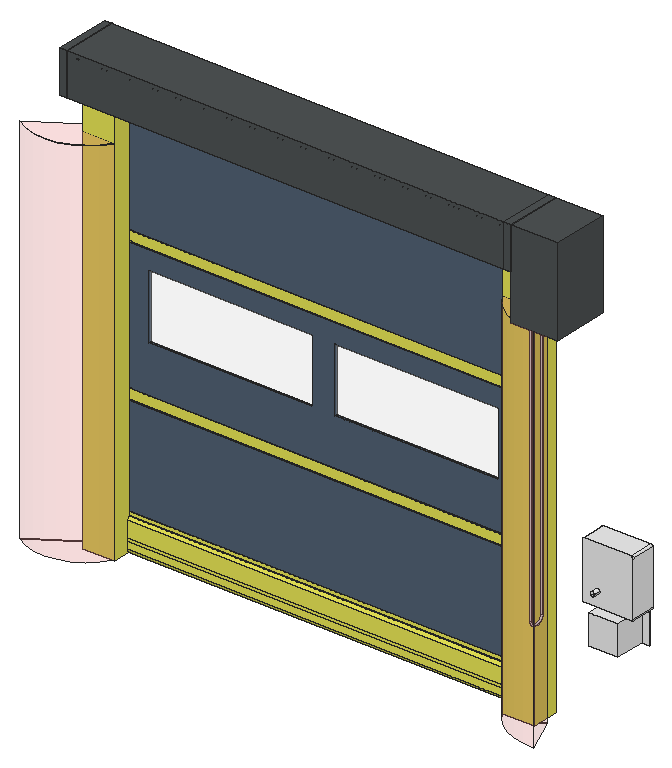
Revit family "Doors_Other_Overhead-Door-Corporation_RapidFlex-High-Speed-HD-Exterior-Fabric-Door-994_new_", category Specialty Equipment, host Wall, Revit 2019
Family settings
  Host = Wall
  Round Connector Dimension = Use Diameter
  Part Type = Normal
  OmniClass Number = 23.30.10.21.34
  OmniClass Title = Industrial Doors
  Always vertical = Yes
  Cut with Voids When Loaded = No
  Shared = No
  Room Calculation Point = No
Parameters (values of type "208 volts, three phase, 60 Hz (190-207 V range)")
  Vision Panels [instance] = yes
  True Width [instance] = [Door Width (Real)]  # 120"
  True Height [instance] = [Door Height (Real)] + 9 1/2"  # 129 1/2"
  Three Phase Controller [instance] = not(One Phase Controller)  # yes
  Rough Width [instance] = [Door Width (Real)]  # 120"
  Rough Height [instance] = [Door Height (Real)] - 4 1/2"  # 115 1/2"
  Product Page URL = "https://www.overheaddoor.com/high-speed-doors-994"
  Powder Coat (Note) = "PowderGuard® Premium powder coat options are available in approximately 200 colors as well as custom matching to specification. "  # constant formula
  Panel Material [instance] = PVC - Overhead Door - Blue (Exterior)
  One Phase Controller [instance] = if(Number of Poles = 1, 1 = 1, 1 = 2)  # no
  Motor Cover [instance] = yes
  Hood Type [instance] = if(or(Hood Option < 1, Hood Option = 1), "Standard", "Sloped")  # "Standard"
  Hood Option [instance] = 1
  Hood Material = Metal - Overhead Door - Black
  Headroom Type [instance] = if(or(Headroom Option < 1, Headroom Option = 1), "Standard 13 Headplate”", if(Headroom Option = 2, "Standard 16” Headplate", if(Headroom Option = 3, "Sloped Hood 13” Headplate", "Sloped Hood 16” Headplate")))  # "Standard 13 Headplate”"
  Headroom Height [instance] = if(or(Headroom Option < 1, Headroom Option = 1), 27", if(Headroom Option = 2, 30", if(Headroom Option = 3, 32 3/4", 35 3/4")))  # 27"
  Headroom Option [instance] = if(or(True Height < 168", True Height = 168"), if(or(Hood Option = 1, Hood Option < 1), 1, 3), if(or(Hood Option = 1, Hood Option < 1), 2, 4))  # 1
  External Transformer = if(or(Voltage = 208 V, Voltage = 575 V), 1 = 1, 1 = 2)  # yes
  Door Width (Real) [instance] = if(Door Width > Max Door Width, Max Door Width, if(Door Width < Min Door Width, Min Door Width, Door Width))  # 120"
  Door Height (Real) [instance] = if(Door Height > Max Door Height, Max Door Height, if(Door Height < Min Door Height, Min Door Height, Door Height))  # 120"
  Voltage = 208 V
  URL = "https://www.overheaddoor.com/"
  Product data url = "https://www.bimobject.com/overhead-door/product/high-speed-exterior-fabric-door-994"
  Product Guid = "8d79bdd9-0122-4b5e-a5e3-4ba3f288e75c"
  Power Factor = 1
  Number of Poles = 3
  Model = "994"  # constant formula
  Min Door Width [instance] = 48"  # constant formula
  Min Door Height [instance] = 72"  # constant formula
  Max Door Width [instance] = 288"  # constant formula
  Max Door Height [instance] = 240"  # constant formula
  Manufacturer = "Overhead Door Corporation"  # constant formula
  Frequency = 60 Hz  # constant formula
  Wall Closure = By host
  Floor To (CL) of Shaft [instance] = [Door Height (Real)] + Headroom Height - if(or(Headroom Option = 1, Headroom Option < 1, Headroom Option = 3), 6 1/2", 8") - if(or(Headroom Option < 1, Headroom Option = 1, Headroom Option = 2), 0", if(or(Headroom Option > 2, Headroom Option = 3), 5 3/4", 5 3/4"))  # 140 1/2"
  Connector Description = "Rapidflex Large Control Panel"  # constant formula
  Finish Material = Finish - Overhead Door - Yellow
  Door Width [instance] = 120"
  Door Height [instance] = 120"
  Description = "RapidFlex​® Model 994 is a strutted, heavy-duty exterior high speed fabric door that is perfect for large openings and is best suited for manufacturing, mining, auto/transit, and parking garage applications. It features an independently tested wind load of up to 22.0 psf."  # constant formula
  Current = 20 A
  Clearance [instance] = yes
  Backroom Depth [instance] = if(or(Headroom Option = 1, Headroom Option < 1, Headroom Option = 3), 17 1/4", 20 1/4")  # 17 1/4"
  Apparent Load Phase 3 = if(Number of Poles = 1, 0 VA, (Voltage * Current * sqrt(3)) / 3)  # 2401.78 VA
  Apparent Load Phase 2 = if(Number of Poles = 1, 0 VA, (Voltage * Current * sqrt(3)) / 3)  # 2401.78 VA
  Apparent Load Phase 1 = if(Number of Poles = 1, Voltage * Current, (Voltage * Current * sqrt(3)) / 3)  # 2401.78 VA
Reference planes (in)
  plane 1 "Center (Front/Back)": y = 0
  plane 2 "Center (Left/Right)": x = 0
  plane 3 "Left": x = -60
  plane 4 "Right": x = 60
  plane 5 "Exterior": y = 3.00375
  plane 6 "Interior": y = -2.99625
  plane 7: x = 60
  plane 8: x = -60
  plane 9: z = 115.5
  plane 10 "Main": y = -7.11344
  plane 11: y = -20.24625
  plane 12 "Main Door Block": y = -2.99625
  plane 13: z = 47.47
  plane 14: y = -5.16813
  plane 15: z = 120
  plane 16: y = -4.83581
Lines and regions (in)
  Opening 1
    outline origin (-90, -2.99625, 0) x (1, 0, 0) y (0, 0, 1)
      loop
        line (30, 0) -> (150, 0) -> (150, 115.5) -> (30, 115.5) -> (30, 0)
Text (in)
  text "Exterior" at (-74.96733, -28.80968, 0), in view "Ref. Level"
  text "Interior" at (-74.96733, 17.85206, 0), in view "Ref. Level"
  text "Exterior" at (0, 40.15149, 123.01588), in view "Right"
  text "Interior" at (0, -64.39139, 123.01588), in view "Right"
  text "Interior" at (0, -31.01599, 123.00693), in view "Left"
  text "Exterior" at (0, 54.57065, 123.00693), in view "Left"
Dimensions and locks (in)
  equal spacing: plane 3 "Left", plane 2 "Center (Left/Right)", plane 4 "Right"
  "Door Width (Real)": plane 3 "Left" to plane 4 "Right"
  level to host wall = 459.59655"
  equal spacing: plane 8, plane 2 "Center (Left/Right)", plane 7
  "Rough Width": plane 7 to plane 8
  "Backroom Depth": plane 6 "Interior" to plane 11
  plane 9 to level = 115 1/2"
  locked: plane 12 "Main Door Block" to plane 10 "Main" at 4.11719
  plane 1 "Center (Front/Back)" to plane 6 "Interior" = 2.99625"
  locked: plane 14 to plane 6 "Interior" at 2.17187
  locked: plane 15 to plane 9 at 4.5
  "Door Height (Real)": plane 15 to level
  locked: plane 14 to plane 16 at 0.33231
  aligned and locked: Opening 1 sketch curve to level
  aligned and locked: plane 5 "Exterior" to host wall
  aligned and locked: host wall to plane 6 "Interior"
  aligned and locked: plane 8 to Opening 1 sketch curve
  aligned and locked: plane 7 to Opening 1 sketch curve
  aligned and locked: plane 12 "Main Door Block" to plane 6 "Interior"
  aligned and locked: plane 12 "Main Door Block" to nested 1
  aligned and locked: nested 1 to plane 2 "Center (Left/Right)"
  aligned and locked: level to nested 1
  aligned and locked: Opening 1 sketch curve to plane 9
  aligned and locked: plane 2 "Center (Left/Right)" to nested 2
Nested families (in)
  nested 1: "Lifts" at (0, -2.99625, 0) x (-1, 0, 0) z (0, 0, 1), Motor Cover <- "Motor Cover", One Phase Controller <- "One Phase Controller", Three Phase Controller <- "Three Phase Controller", Header Option <- "Headroom Option", type "Frame Unit"
    with Three Phase Controller yes, Standard Motor Housing yes, Standard Headroom with Break Cover no, Standard Headroom Hood yes, Sloped Motor Housing no, Sloped Headroom Hood no, Shaft Length 11.19", Rod 2 no, Right Motor Position yes, One Phase Controller no, Offset Shaft 8 5/8", Motor Cover Off no, Motor Cover yes, Masking Region Right Motor Three Phase yes, Masking Region Right Motor no, Headroom Offset 0", Header Option 1, Header Height 13", Guid Option 1, Floor To CL Shaft 136", Electric Operator Position 183.64"
  nested 2: "Panel" at (0, -4.83581, 0), type "Panel"
Connectors (in)
  electrical at (91.82, -10.53625, 48), driven by "Number of Poles", driven by "Voltage", driven by "Apparent Load Phase 1", driven by "Power Factor", driven by "Connector Description", driven by "Apparent Load Phase 2", driven by "Apparent Load Phase 3"
    settings: on nested 1, index 2, voltage 208 V, apparent load 0 VA, apparent load phase1 2401.78 VA, apparent load phase2 2401.78 VA, apparent load phase3 2401.78 VA, power factor 1, load classification "Other", number of poles 3, system type 31, power factor state 1, is connector primary yes, connector utility no, sub classification motor no, connector description "Rapidflex Large Control Panel"
Definition of nested family "Lifts"
  Parameters (values of type "Frame Unit")
    Three Phase Controller [instance] = no
    Standard Motor Housing [instance] = if(and(Motor Cover, or(Header Option < 1, Header Option = 1, Header Option = 2)), 1 = 1, 1 = 2)  # yes
    Standard Headroom with Break Cover [instance] = if(and(Hood Option, Header Option = 2), 1 = 1, 1 = 2)  # yes
    Standard Headroom Hood [instance] = if(and(Hood Option, or(Header Option < 1, Header Option = 1, Header Option = 2)), 1 = 1, 1 = 2)  # yes
    Spool Radius = 4 1/2"
    Sloped Motor Housing [instance] = if(and(Motor Cover, or(Header Option > 3, Header Option = 3)), 1 = 1, 1 = 2)  # no
    Sloped Headroom Hood [instance] = if(and(Hood Option, or(Header Option > 3, Header Option = 3)), 1 = 1, 1 = 2)  # no
    Shaft Material = none
    Shaft Length [instance] = 11.19"  # constant formula
    Rod 2 [instance] = if(and(not(Motor Cover), Right Motor Position), 1 = 1, 1 = 2)  # no
    Right Motor Position [instance] = yes
    Opening Width = 120"
    One Phase Controller [instance] = yes
    Offset Shaft [instance] = if(or(Header Option = 1, Header Option < 1, Header Option = 3), 17 1/4", 20 1/4") / 2  # 10 1/8"
    Naked Header = not(Hood Option)  # no
    Motor Cover Off [instance] = not(Motor Cover)  # no
    Motor Cover [instance] = yes
    Masking Region Right Motor Three Phase [instance] = if(and(Right Motor Position, Three Phase Controller), 1 = 1, 1 = 2)  # no
    Masking Region Right Motor [instance] = if(and(Right Motor Position, Motor Cover Off), 1 = 1, 1 = 2)  # no
    Hood Option = yes
    Hood Offset (Real) = 4 1/2"
    Hood Material = none
    Headroom Offset [instance] = if(or(Header Option < 1, Header Option = 1, Header Option = 2), 0", if(or(Header Option > 2, Header Option = 3), 5 3/4", 5 3/4"))  # 0"
    Headroom Height = 27"
    Header Width = 17 1/4"
    Header Option [instance] = 2
    Header Height [instance] = if(or(Header Option = 1, Header Option < 1, Header Option = 3), 13", 16")  # 16"
    Guid Width = 9 11/16"
    Guid Option [instance] = 1
    Floor To CL Shaft [instance] = Opening Height + Headroom Height - Header Height / 2 - Headroom Offset  # 134 1/2"
    External Transformer = yes
    Electric Operator Position [instance] = if(Right Motor Position, (31.82" * 2 + Opening Width), 0")  # 183.64"
    Clearance = yes
    Opening Height = 115 1/2"
    Finish Material = none
    Bottom Bar = yes
    Analytic Construction = "<None>"
  Reference planes (in)
    plane 1 "Center (Front/Back)": y = 0
    plane 2: z = 0
    plane 3 "Center (Left/Right)": x = 0
    plane 4 "Left": x = -60
    plane 5 "Right": x = 60
    plane 6 "Center Line of Shaft": z = 134.5
    plane 7 "Headroom Top": z = 142.5
    plane 8 "Opening Height": z = 115.5
    plane 9: x = -81.5
    plane 10 "Shaft": x = -75.54413
    plane 11 "Box": x = -91.82
    plane 12 "EBOX": z = 48
    plane 13: z = 39.09375
    plane 14: z = 56.90625
    plane 15: z = 43.5
    plane 16: y = 7.54
    plane 17: z = 126.5
    plane 18: y = 17.25
    plane 19: x = 71.19
    plane 20: x = 69.6875
    plane 21: x = -69.6875
    plane 22: x = -84.07
    plane 23: x = -99.57
    plane 24: y = 5.75
    plane 25: y = 2.17
    plane 26 "Center L/MM": x = 91.82
    plane 27 "1": z = 45.56
    plane 28 "Sloped motor LH": x = -71.125
    plane 29 "Sloped motor RH": x = 71.125
    plane 30: y = 5.75
    plane 31: y = 3.27
    plane 32: y = 1.07
    plane 33 "Headroom Offset": z = 142.5
    plane 34 "Offset Shaft": y = 10.125
  Forms (in)
    Extrusion 1, solid, material <- "Shaft Material"
      sketch origin (0, 0, 0) x (0, 1, 0) y (0, 0, 1)
        loop
          circle (10.125, 134.5) r 0.78
      from -81.5 to 71.19
    Extrusion 2, solid, visible <- "Three Phase Controller"
      sketch origin (-1.95651, 0, 0) x (1, 0, 0) y (0, 0, 1)
        loop
          line (-82.61349, 56.90625) -> (-97.11349, 56.90625)
          arc (-97.11349, 56.90625) -> (-97.46704, 56.7598) -> (-97.61349, 56.40625) r 0.5
          line (-97.61349, 56.40625) -> (-97.61349, 39.59375)
          arc (-97.61349, 39.59375) -> (-97.46704, 39.2402) -> (-97.11349, 39.09375) r 0.5
          line (-97.11349, 39.09375) -> (-82.61349, 39.09375)
          arc (-82.61349, 39.09375) -> (-82.25993, 39.2402) -> (-82.11349, 39.59375) r 0.5
          line (-82.11349, 39.59375) -> (-82.11349, 56.40625)
          arc (-82.11349, 56.40625) -> (-82.25993, 56.7598) -> (-82.61349, 56.90625) r 0.5
      from -7.54 to 0
    Revolve 3, solid, visible <- "Three Phase Controller"
      sketch origin (-55.03203, -180, 43.5) x (-1, 0, 0) y (0, -1, 0)
        loop
          line (33.42797, -187.54) -> (32.67797, -187.54) -> (32.82797, -189.312) -> (33.42797, -189.312) -> (33.42797, -187.54)
        axis (33.42797, -187.54) -> (33.42797, -189.312)
      angle from 0 to 360
    Extrusion 4, solid, material <- "Finish Material"
      sketch origin (0, 0, 0) x (1, 0, 0) y (0, 1, 0)
        loop
          line (-69.6875, 0) -> (-60, 0) -> (-60, 8.25) -> (-69.6875, 8.25) -> (-69.6875, 0)
        loop
          line (69.6875, 0) -> (69.6875, 8.25) -> (60, 8.25) -> (60, 0) -> (69.6875, 0)
      from 0 to 120.216
    Extrusion 5, solid, material <- "Hood Material", visible <- "Standard Headroom Hood"
      sketch origin (0, 0, 0) x (0, 1, 0) y (0, 0, 1)
        loop
          line (0, 126.5) -> (17.25, 126.5) -> (17.25, 142.5) -> (0, 142.5) -> (0, 126.5)
      from -69.6875 to 69.6875
    Sweep 6, solid, material <- "Hood Material"
      path origin (0, 0, 0) x (0, 1, 0) y (0, 0, 1)
        loop
          line (0, 126.5) -> (17.25, 126.5) -> (17.25, 142.5) -> (0, 142.5) -> (0, 126.5)
      profile origin (0, 0, 134.5) x (0, -1, 0) y (1, 0, 0)
        loop
          line (0, -69.6875) -> (0, -67.4875) -> (-0.5, -67.4875) -> (-0.5, -69.6875) -> (0, -69.6875)
        loop
          line (0, 69.6875) -> (-0.5, 69.6875) -> (-0.5, 67.48895) -> (0, 67.48895) -> (0, 69.6875)
    Extrusion 7, solid, material <- "Hood Material"
      sketch origin (0, 0, 0) x (1, 0, 0) y (0, 1, 0)
        loop
          line (69.6875, 0) -> (69.6875, 17.25) -> (69.1825, 17.25) -> (69.1825, 0) -> (69.6875, 0)
        loop
          line (-69.6875, 0) -> (-69.1825, 0) -> (-69.1825, 17.25) -> (-69.6875, 17.25) -> (-69.6875, 0)
      from 126.5 to 142.5
    Extrusion 8, solid, material <- "Hood Material"
      sketch origin (-60, -60, 48) x (0, -1, 0) y (0, 0, 1)
        loop
          circle (-70.125, 86.5) r 4.5
      from 8.93269 to 7.75704
    Extrusion 9, solid, visible <- "External Transformer"
      sketch origin (0, 0, 48) x (1, 0, 0) y (0, 1, 0)
        loop
          line (-98.695, 0) -> (-84.945, 0) -> (-84.945, 0.125) -> (-87.32, 0.125) -> (-87.32, 9.3125) -> (-96.32, 9.3125) -> (-96.32, 0.125) -> (-98.695, 0.125) -> (-98.695, 0)
      from -19.13 to -10
    Extrusion 10, solid, material <- "Finish Material"
      sketch origin (0, 0, 0) x (0, 1, 0) y (0, 0, 1)
        loop
          line (3.27, 3.62918) -> (3.61089, 3.62918) -> (3.61089, 4.3977) -> (3.48561, 4.3977) -> (3.48561, 9.20261) -> (2.85416, 10.28483) -> (2.52778, 10.28483) -> (2.52778, 11.5) -> (2.2509, 11.5) -> (2.2509, 10.13793) -> (2.36994, 10.01889) -> (2.68126, 10.01889) -> (2.86559, 9.70296) -> (2.86559, 9.26793) -> (1.81222, 9.26793) -> (1.81222, 9.76793) -> (1.31222, 9.76793) -> (1.31222, 9.90218) -> (2.0891, 10.13793) -> (2.0891, 11.5) -> (1.81222, 11.5) -> (1.81222, 10.28483) -> (0.85439, 10.02818) -> (0.85439, 4.3977) -> (0.72911, 4.3977) -> (0.72911, 3.62918) -> (1.07, 3.62918) -> (1.07, 1.1)
          arc (1.07, 1.1) -> (1.39218, 0.32218) -> (2.17, 0) r 1.1
          arc (2.17, 0) -> (2.94782, 0.32218) -> (3.27, 1.1) r 1.1
          line (3.27, 1.1) -> (3.27, 3.62918)
      from -60 to 60
    Extrusion 11, solid, material <- "Hood Material"
      sketch origin (60, -60, 48) x (0, -1, 0) y (0, 0, -1)
        loop
          circle (-70.125, -86.5) r 4.5
      from 8.93269 to 7.75704
    Extrusion 12, solid, material <- "Hood Material", visible <- "Sloped Headroom Hood"
      sketch origin (0, 0.784, 29.19) x (0, 1, 0) y (0, 0, 1)
        loop
          line (16.466, 97.31) -> (16.466, 113.31) -> (-0.784, 119.06) -> (-0.784, 97.31) -> (16.466, 97.31)
        loop
          line (15.966, 112.81) -> (-0.284, 112.81) -> (-0.284, 97.81) -> (15.966, 97.81) -> (15.966, 112.81)
      from -69.6875 to 69.6875
    Extrusion 13, solid, material <- "Hood Material"
      sketch origin (0, 0, 0) x (1, 0, 0) y (0, 0, 1)
        loop
          arc (69.6875, 125.98269) -> (69.53598, 126.34848) -> (69.17019, 126.5) r 0.51731
          line (69.17019, 126.5) -> (63.1875, 126.5) -> (63.1875, 126.297) -> (69.1805, 126.297)
          arc (69.1805, 126.297) -> (69.39546, 126.20796) -> (69.4845, 125.993) r 0.304
          line (69.4845, 125.993) -> (69.4845, 120.216) -> (69.6875, 120.216) -> (69.6875, 125.98269)
        loop
          line (-69.6875, 125.98269) -> (-69.6875, 120.216) -> (-69.4845, 120.216) -> (-69.4845, 125.993)
          arc (-69.4845, 125.993) -> (-69.39546, 126.20796) -> (-69.1805, 126.297) r 0.304
          line (-69.1805, 126.297) -> (-63.1845, 126.297) -> (-63.1845, 126.5) -> (-69.17019, 126.5)
          arc (-69.17019, 126.5) -> (-69.53598, 126.34848) -> (-69.6875, 125.98269) r 0.51731
      from -13.99 to 0
    Extrusion 14, void
      sketch origin (0, 0, 0) x (0, 1, 0) y (0, 0, 1)
        loop
          line (8.108, 120.216) -> (13.99, 120.216) -> (13.99, 124.872) -> (8.108, 120.216)
      from -69.6875 to 69.6875
    Extrusion 15, solid, visible <- "Clearance"
      sketch origin (0, 0, 0) x (1, 0, 0) y (0, 1, 0)
        loop
          arc (-60, 8.25) -> (-66.95898, 15.05029) -> (-76.5075, 16.92037) r 17
          line (-76.5075, 16.92037) -> (-71.65539, 5.48952) -> (-69.6875, 6.58034) -> (-69.6875, 8.25) -> (-60, 8.25)
        loop
          line (60, 8.25) -> (69.6875, 8.25) -> (69.6875, 6.58034) -> (71.65539, 5.48952) -> (84.62221, 13.92037)
          arc (84.62221, 13.92037) -> (71.04882, 16.56637) -> (60, 8.25) r 17
      from 0 to 115.5
    Extrusion 16, solid, material <- "Hood Material"
      sketch origin (0, 0, 0) x (1, 0, 0) y (0, 0, 1)
        loop
          line (63.4375, 126.5) -> (63.4375, 120.216) -> (69.6875, 120.216) -> (69.6875, 126.5) -> (63.4375, 126.5)
        loop
          line (-63.4375, 126.5) -> (-69.6875, 126.5) -> (-69.6875, 120.216) -> (-63.4375, 120.216) -> (-63.4375, 126.5)
      from -0.3 to 0
  Cuts and joins
    joined: Sweep 6, Extrusion 7
    Extrusion 14 cuts Extrusion 13
    joined: Extrusion 13, Extrusion 16
  Lines and regions (in)
    Masking region 1, visible <- "Three Phase Controller"
      outline origin (0, 0.04, 0) x (1, 0, 0) y (0, 1, 0)
        loop
          line (-99.57, -0.04) -> (-84.07, -0.04) -> (-84.07, 7.5) -> (-99.57, 7.5) -> (-99.57, -0.04)
    Masking region 2, visible <- "Masking Region Right Motor Three Phase"
      outline origin (0, 0, 0) x (1, 0, 0) y (0, 1, 0)
        loop
          line (-87.71, 7.54) -> (-87.86, 9.312) -> (-89.06, 9.312) -> (-89.21, 7.54) -> (-87.71, 7.54)
    Masking region 3, visible <- "External Transformer"
      outline origin (0, 0, 0) x (1, 0, 0) y (0, 1, 0)
        loop
          line (-96.32, 7.54) -> (-87.32, 7.54) -> (-87.32, 9.3125) -> (-96.32, 9.3125) -> (-96.32, 7.54)
    Masking region 4, not visible
      outline origin (-205.48831, -8.75, 0) x (0, 1, 0) y (-1, 0, 0)
        loop
          line (16.29, -109.56871) -> (16.29, -111.06871) -> (18.0625, -110.91866) -> (18.0625, -109.71875) -> (16.29, -109.56871)
    Masking region 5, visible <- "Hood Option"
      outline origin (0, 0, 0) x (1, 0, 0) y (0, 1, 0)
        loop
          line (-69.6875, 17.25) -> (-69.6875, 0) -> (69.6875, 0) -> (69.6875, 17.25) -> (-69.6875, 17.25)
    Masking region 6, visible <- "Right Motor Position"
      outline origin (0, 0, 0) x (1, 0, 0) y (0, 1, 0)
        loop
          line (69.6875, 10.905) -> (69.6875, 9.345) -> (71.19, 9.345) -> (71.19, 10.905) -> (69.6875, 10.905)
    Masking region 7, visible <- "Rod 2"
      outline origin (0, 0, 0) x (0, 1, 0) y (-1, 0, 0)
        loop
          line (10.905, 81.5) -> (9.345, 81.5) -> (9.345, 77.38281) -> (10.905, 77.38281) -> (10.905, 81.5)
        loop
          line (10.905, 69.6875) -> (10.905, 71.61719) -> (9.69406, 71.61719) -> (9.69406, 72.84375) -> (10.905, 72.84375) -> (10.905, 73.45031) -> (9.345, 73.45031) -> (9.345, 69.6875) -> (10.905, 69.6875)
    symbolic lines, not visible
      curve 1: line (-67.4875, 7.78111, 0) -> (-67.4875, 6.21995, 0)
      curve 2: line (67.48895, 7.78111, 0) -> (67.48895, 5.875, 0)
      curve 3: line (60, 1.09992, 0) -> (60, 0, 0)
    symbolic lines
      curve 4: line (-67.4875, 17.25, 0) -> (-67.4875, 0, 0)
      curve 5: line (67.48895, 17.25, 0) -> (67.48895, 0, 0)
  Dimensions and locks (in)
    equal spacing: plane 4 "Left", plane 3 "Center (Left/Right)", plane 5 "Right"
    "Opening Width": plane 4 "Left" to plane 5 "Right"
    "Header Height": plane 7 "Headroom Top" to plane 17
    "Opening Height": plane 8 "Opening Height" to level
    locked: level to plane 12 "EBOX" at 48
    locked: plane 11 "Box" to Revolve 3 sketch curve at 3.36
    equal spacing: plane 14, plane 12 "EBOX", plane 13
    locked: plane 12 "EBOX" to plane 15 at 4.5
    locked: plane 13 to plane 14 at 17.8125
    locked: plane 10 "Shaft" to plane 4 "Left" at 15.54413
    plane 11 "Box" to plane 10 "Shaft" = 16.27587"
    locked: plane 16 to plane 1 "Center (Front/Back)" at 7.54
    locked: Revolve 3 sketch curve to Revolve 3 sketch curve at 0.6
    locked: Revolve 3 sketch curve to Revolve 3 sketch curve at 0.75
    locked: plane 16 to Revolve 3 sketch curve at 1.772
    "Guid Width": Extrusion 4 sketch curve to plane 4 "Left"
    locked: plane 1 "Center (Front/Back)" to Extrusion 4 sketch curve at 8.25
    "Header Width": plane 1 "Center (Front/Back)" to Extrusion 5 sketch curve
    Extrusion 5 to plane 4 "Left" = 9 11/16"
    plane 5 "Right" to Extrusion 5 = 9 11/16"
    "Header Width": plane 1 "Center (Front/Back)" to Sweep 6 sketch curve
    "Header Width": plane 1 "Center (Front/Back)" to Extrusion 7 sketch curve  (x2)
    "Header Width": plane 1 "Center (Front/Back)" to plane 18
    plane 21 to nested 1 = 5.729"
    "Guid Width": plane 4 "Left" to plane 21
    "Guid Width": plane 5 "Right" to plane 20
    locked: Extrusion 7 sketch curve to plane 20 at 0.505
    locked: plane 21 to Extrusion 7 sketch curve at 0.505
    locked: plane 11 "Box" to plane 23 at 7.75
    locked: plane 22 to plane 11 "Box" at 7.75
    locked: plane 1 "Center (Front/Back)" to Extrusion 9 sketch curve at 0.125
    locked: plane 11 "Box" to Extrusion 9 sketch curve at 4.5
    locked: Extrusion 9 sketch curve to plane 11 "Box" at 4.5
    locked: Extrusion 9 sketch curve to plane 11 "Box" at 6.875
    locked: plane 11 "Box" to Extrusion 9 sketch curve at 6.875
    plane 1 "Center (Front/Back)" to Extrusion 9 sketch curve = 9 5/16"
    locked: Extrusion 4 sketch curve to Extrusion 4 sketch curve at 8.25
    "Guid Width": Extrusion 4 sketch curve to Extrusion 4 sketch curve
    plane 20 to plane 21 = 139 3/8"
    locked: cut or joined group of Sweep 6, Extrusion 7 to Sweep 6 sketch curve at 0.5
    locked: plane 1 "Center (Front/Back)" to plane 25 at 2.17
    "Electric Operator Position": plane 11 "Box" to plane 26 "Center L/MM"
    equal spacing: Masking region 1 sketch curve, plane 11 "Box", Masking region 1 sketch curve
    locked: Masking region 1 sketch curve to Masking region 1 sketch curve at 15.5
    "Floor To CL Shaft": plane 6 "Center Line of Shaft" to plane 2
    plane 8 "Opening Height" to level = 115 1/2"
    locked: plane 12 "EBOX" to plane 27 "1" at 2.44
    equal spacing: plane 29 "Sloped motor RH", plane 3 "Center (Left/Right)", plane 28 "Sloped motor LH"
    locked: plane 4 "Left" to plane 28 "Sloped motor LH" at 11.125
    "Shaft Length": plane 5 "Right" to plane 19
    locked: plane 9 to plane 4 "Left" at 21.5
    locked: plane 20 to plane 26 "Center L/MM" at 22.1325
    plane 5 "Right" to plane 26 "Center L/MM" = 31.82"
    locked: plane 21 to Sweep 6 sketch curve at 2.2
    locked: Sweep 6 sketch curve to plane 20 at 2.19855
    locked: Extrusion 11 to plane 20 at 0.75481
    locked: plane 21 to Extrusion 8 at 0.75481
    locked: Extrusion 8 to Extrusion 8 at 1.17565
    locked: Extrusion 11 to Extrusion 11 at 1.17565
    locked: Extrusion 12 sketch curve to cut or joined group of Sweep 6, Extrusion 7 at 0.5
    locked: Extrusion 10 sketch curve to level at 11.5
    locked: Extrusion 10 sketch curve to Extrusion 10 sketch curve at 2.88179
    equal spacing: plane 31, plane 25, plane 32
    locked: Extrusion 10 sketch curve to Extrusion 10 sketch curve at 2.63122
    equal spacing: Extrusion 10 sketch curve, plane 25, Extrusion 10 sketch curve
    locked: Extrusion 10 sketch curve to level at 3.62918
    locked: Extrusion 10 sketch curve to level at 4.3977
    locked: Extrusion 10 sketch curve to Extrusion 10 sketch curve at 1.21517
    locked: plane 17 to Extrusion 13 sketch curve at 6.284  (x2)
    locked: plane 20 to Extrusion 13 sketch curve at 0.203
    locked: plane 17 to Extrusion 13 sketch curve at 0.203  (x2)
    plane 20 to Extrusion 13 sketch curve = 6 1/2"
    locked: Extrusion 13 sketch curve to plane 21 at 0.203
    locked: plane 17 to Extrusion 4 at 6.284  (x2)
    locked: Extrusion 13 to plane 1 "Center (Front/Back)" at 13.99
    locked: Extrusion 14 sketch curve to Extrusion 13 at 8.108
    locked: plane 17 to Extrusion 14 sketch curve at 1.628
    locked: Extrusion 14 sketch curve to Extrusion 14 sketch curve at 4.656
    locked: Extrusion 14 sketch curve to Extrusion 14 sketch curve at 5.882
    locked: Extrusion 12 sketch curve to plane 7 "Headroom Top" at 5.75
    plane 17 to plane 8 "Opening Height" = 11"
    locked: plane 1 "Center (Front/Back)" to Extrusion 15 sketch curve at 17  (x2)
    "Headroom Offset": plane 33 "Headroom Offset" to plane 7 "Headroom Top"
    "Headroom Height": plane 33 "Headroom Offset" to plane 8 "Opening Height"
    locked: Extrusion 13 sketch curve to plane 21 at 6.503
    locked: cut or joined group of Extrusion 13, Extrusion 14, Extrusion 16 to cut or joined group of Extrusion 13, Extrusion 14, Extrusion 16 at 0.203
    locked: cut or joined group of Extrusion 13, Extrusion 14, Extrusion 16 to Extrusion 16 sketch curve at 6.25
    cut or joined group of Extrusion 13, Extrusion 14, Extrusion 16 to Extrusion 4 = 6.284"
    locked: Extrusion 16 sketch curve to Extrusion 16 sketch curve at 6.284  (x2)
    locked: Extrusion 16 sketch curve to Extrusion 16 sketch curve at 6.25
    "Offset Shaft": plane 34 "Offset Shaft" to plane 1 "Center (Front/Back)"
    locked: Masking region 6 sketch curve to Masking region 6 sketch curve at 1.56
    equal spacing: Masking region 6 sketch curve, plane 34 "Offset Shaft", Masking region 6 sketch curve
    locked: Extrusion 9 to Masking region 4 sketch curve at 0.4004
    locked: Masking region 7 sketch curve to Masking region 7 sketch curve at 1.22656
    locked: plane 9 to Masking region 7 sketch curve at 4.11719
    locked: Masking region 7 sketch curve to plane 21 at 3.76281
    locked: Masking region 7 sketch curve to plane 21 at 1.92969
    locked: Extrusion 1 sketch curve to Extrusion 1 sketch curve (radius 0.78")
    "Spool Radius": radius of Extrusion 8 sketch curve
    "Spool Radius": radius of Extrusion 11 sketch curve
    radius of Extrusion 15 sketch curve = 17"  (x2)
    locked: Revolve 3 to Masking region 2 sketch curve (angle 85.1614°)
    locked: Masking region 2 sketch curve to Revolve 3 (angle 85.1614°)
    locked: Extrusion 2 to Masking region 4 sketch curve (angle 85.1614°)
    locked: Masking region 4 sketch curve to Extrusion 2 (angle 85.1614°)
    aligned and locked: plane 2 to level
    aligned and locked: plane 9 to Extrusion 1
    aligned and locked: Extrusion 2 to plane 1 "Center (Front/Back)"
    aligned and locked: Extrusion 2 sketch curve to plane 13
    aligned and locked: plane 14 to Extrusion 2 sketch curve
    aligned and locked: Revolve 3 sketch curve to Revolve 3 sketch curve
    aligned and locked: Revolve 3 sketch curve to plane 16
    aligned and locked: plane 1 "Center (Front/Back)" to Extrusion 5 sketch curve
    aligned and locked: Extrusion 5 sketch curve to plane 7 "Headroom Top"
    aligned and locked: Extrusion 5 to plane 17
    aligned and locked: plane 17 to Extrusion 5 sketch curve
    aligned and locked: plane 1 "Center (Front/Back)" to Sweep 6 sketch curve
    aligned and locked: Sweep 6 sketch curve to plane 7 "Headroom Top"
    aligned and locked: Sweep 6 sketch curve to plane 17
    aligned and locked: profile plane to Sweep 6 sketch curve
    aligned and locked: Extrusion 7 sketch curve to plane 1 "Center (Front/Back)"  (x2)
    aligned and locked: plane 7 "Headroom Top" to Extrusion 7
    aligned and locked: Extrusion 7 to plane 17
    aligned and locked: Masking region 2 sketch curve to Revolve 3  (x2)
    aligned and locked: Extrusion 1 to plane 19
    aligned and locked: Extrusion 7 sketch curve to plane 21
    aligned and locked: Extrusion 7 sketch curve to plane 20
    aligned and locked: plane 22 to Extrusion 2 sketch curve
    aligned and locked: plane 23 to Extrusion 2 sketch curve
    aligned and locked: Extrusion 9 sketch curve to plane 1 "Center (Front/Back)"
    aligned and locked: Extrusion 9 sketch curve to Extrusion 9 sketch curve
    aligned and locked: Masking region 3 sketch curve to Extrusion 9  (x2)
    aligned and locked: Extrusion 9 to Masking region 3 sketch curve
    aligned and locked: plane 6 "Center Line of Shaft" to Extrusion 8 sketch curve
    aligned and locked: plane 6 "Center Line of Shaft" to Extrusion 1 sketch curve
    aligned and locked: Extrusion 4 sketch curve to plane 1 "Center (Front/Back)"  (x2)
    aligned and locked: plane 20 to Extrusion 4 sketch curve
    aligned and locked: cut or joined group of Sweep 6, Extrusion 7 to plane 18  (x2)
    aligned and locked: cut or joined group of Sweep 6, Extrusion 7 to plane 1 "Center (Front/Back)"
    aligned and locked: plane 1 "Center (Front/Back)" to cut or joined group of Sweep 6, Extrusion 7
    aligned and locked: plane 20 to cut or joined group of Sweep 6, Extrusion 7
    aligned and locked: Sweep 6 sketch curve to cut or joined group of Sweep 6, Extrusion 7
    aligned and locked: Extrusion 5 to plane 21
    aligned and locked: plane 20 to Extrusion 5
    aligned and locked: plane 7 "Headroom Top" to nested 1
    aligned and locked: nested 1 to plane 21
    aligned and locked: Extrusion 10 to plane 5 "Right"
    aligned and locked: plane 4 "Left" to Extrusion 10
    aligned and locked: plane 18 to Masking region 5 sketch curve
    aligned and locked: Masking region 5 sketch curve to plane 1 "Center (Front/Back)"
    aligned and locked: Masking region 5 sketch curve to plane 21
    aligned and locked: Masking region 5 sketch curve to plane 20
    aligned and locked: cut or joined group of Sweep 6, Extrusion 7 to curve 2
    aligned and locked: curve 1 to cut or joined group of Sweep 6, Extrusion 7
    aligned and locked: plane 21 to Sweep 6 sketch curve
    aligned and locked: Sweep 6 sketch curve to Sweep 6 sketch curve
    aligned and locked: plane 6 "Center Line of Shaft" to Extrusion 11 sketch curve
    aligned and locked: plane 19 to Masking region 6 sketch curve  (x2)
    aligned and locked: plane 20 to Masking region 6 sketch curve  (x2)
    aligned and locked: Extrusion 12 to plane 18
    aligned and locked: plane 1 "Center (Front/Back)" to Extrusion 12
    aligned and locked: Extrusion 12 to plane 21
    aligned and locked: plane 20 to Extrusion 12
    aligned and locked: Extrusion 10 sketch curve to Extrusion 10 sketch curve  (x3)
    aligned and locked: Extrusion 13 sketch curve to plane 20
    aligned and locked: Extrusion 13 sketch curve to plane 21
    aligned and locked: Extrusion 13 sketch curve to plane 17
    aligned and locked: plane 1 "Center (Front/Back)" to Extrusion 13
    aligned and locked: Extrusion 4 to level
    aligned and locked: plane 20 to Extrusion 14
    aligned and locked: Extrusion 14 to plane 21
    aligned and locked: Extrusion 15 sketch curve to Extrusion 4  (x2)
    aligned and locked: plane 4 "Left" to Extrusion 15 sketch curve
    aligned and locked: Extrusion 15 sketch curve to plane 21
    aligned and locked: plane 21 to Extrusion 15 sketch curve
    aligned and locked: plane 5 "Right" to Extrusion 15 sketch curve
    aligned and locked: Extrusion 15 sketch curve to plane 20
    aligned and locked: plane 20 to Extrusion 15 sketch curve
    aligned and locked: plane 8 "Opening Height" to Extrusion 15
    aligned and locked: Extrusion 15 to plane 2
    aligned and locked: Extrusion 16 sketch curve to plane 17
    aligned and locked: Extrusion 16 sketch curve to plane 20
    aligned and locked: plane 17 to Extrusion 16 sketch curve
    aligned and locked: Extrusion 16 sketch curve to plane 21
    aligned and locked: plane 1 "Center (Front/Back)" to Extrusion 16
    aligned and locked: plane 34 "Offset Shaft" to Extrusion 1 sketch curve
    aligned and locked: plane 34 "Offset Shaft" to Extrusion 11 sketch curve
    aligned and locked: plane 34 "Offset Shaft" to Extrusion 8 sketch curve
    aligned and locked: Masking region 4 to Extrusion 2
    aligned and locked: Extrusion 2 to Revolve 3
    aligned and locked: Extrusion 9 to Masking region 4
    aligned and locked: curve 4 to plane 1 "Center (Front/Back)"
    aligned and locked: plane 18 to cut or joined group of Sweep 6, Extrusion 7
    aligned and locked: plane 1 "Center (Front/Back)" to curve 5
    aligned and locked: plane 18 to curve 5
    aligned and locked: Masking region 1 to Extrusion 2
    aligned and locked: Masking region 1 to plane 1 "Center (Front/Back)"
  Automatic sketch dimensions
    Extrusion 2 sketch curve to Extrusion 2 sketch curve = 1/2"
    Extrusion 2 sketch curve to plane 14 = 1/2"
    Extrusion 2 sketch curve to plane 22 = 1/2"  (x2)
    Revolve 3 sketch curve to plane 18 = 7.38505"
    Revolve 3 sketch curve to plane 25 = 0.90036"
    Sweep 6 sketch curve to Sweep 6 sketch curve = 2.19855"
    Masking region 1 sketch curve to plane 1 "Center (Front/Back)" = 0"
    plane 34 "Offset Shaft" to Masking region 1 sketch curve = 2.585"
    plane 11 "Box" to Masking region 2 sketch curve = 2.61"
    Masking region 2 sketch curve to Masking region 2 sketch curve = 1.2"
    Masking region 3 sketch curve to Masking region 3 sketch curve = 1.7725"
    Extrusion 10 sketch curve to Extrusion 10 sketch curve = 0"  (x3)
    Extrusion 10 sketch curve to plane 32 = 0"
    Extrusion 10 sketch curve to plane 25 = 0"
    Extrusion 10 sketch curve to level = 0"
    plane 32 to Extrusion 10 sketch curve = 0.34089"
    Extrusion 10 sketch curve to plane 32 = 0.24222"
    plane 25 to Extrusion 10 sketch curve = 0.35778"  (x2)
    plane 25 to Extrusion 10 sketch curve = 0.0809"
    Extrusion 10 sketch curve to plane 25 = 0.0809"
    Extrusion 10 sketch curve to Extrusion 10 sketch curve = 0.11904"  (x2)
    Extrusion 10 sketch curve to Extrusion 10 sketch curve = 0.15784"
    Extrusion 10 sketch curve to Extrusion 10 sketch curve = 0.15348"
    Extrusion 10 sketch curve to Extrusion 10 sketch curve = 0.1729"
    plane 31 to Extrusion 10 sketch curve = 0.40441"
    Extrusion 10 sketch curve to Extrusion 10 sketch curve = 1.08222"
    Extrusion 10 sketch curve to Extrusion 10 sketch curve = 1.0169"
    Extrusion 10 sketch curve to Extrusion 10 sketch curve = 0.43503"
    Extrusion 10 sketch curve to Extrusion 10 sketch curve = 1/2"
    Extrusion 10 sketch curve to Extrusion 10 sketch curve = 0.13426"
    Extrusion 10 sketch curve to Extrusion 10 sketch curve = 0.26594"
    Extrusion 10 sketch curve to Extrusion 10 sketch curve = 0.126"
    Extrusion 10 sketch curve to Extrusion 10 sketch curve = 0.1469"
    plane 34 "Offset Shaft" to Masking region 4 sketch curve = 2.585"
    plane 34 "Offset Shaft" to Masking region 4 sketch curve = 13/16"
    Masking region 4 sketch curve to Masking region 4 sketch curve = 1.19992"
    Extrusion 12 sketch curve to plane 1 "Center (Front/Back)" = 0"
    Extrusion 12 sketch curve to plane 17 = 0"
    Extrusion 12 sketch curve to plane 18 = 0"
    Extrusion 12 sketch curve to plane 7 "Headroom Top" = 0"
    Extrusion 12 sketch curve to plane 1 "Center (Front/Back)" = 1/2"
    plane 18 to Extrusion 12 sketch curve = 1/2"
    Extrusion 12 sketch curve to plane 7 "Headroom Top" = 1/2"
    Extrusion 13 sketch curve to plane 17 = 0"
    Extrusion 13 sketch curve to Extrusion 13 sketch curve = 0.304"
    Extrusion 13 sketch curve to Extrusion 13 sketch curve = 0.01031"  (x2)
    Extrusion 13 sketch curve to plane 20 = 0.51731"
    plane 10 "Shaft" to Extrusion 15 sketch curve = 0.96337"
    Extrusion 15 sketch curve to plane 28 "Sloped motor LH" = 0.53039"
    plane 29 "Sloped motor RH" to Extrusion 15 sketch curve = 0.53039"
    plane 18 to Extrusion 15 sketch curve = 3.32963"
    Extrusion 15 sketch curve to plane 25 = 3.31952"  (x2)
    Extrusion 15 sketch curve to Extrusion 15 sketch curve = 1.66966"  (x2)
    Masking region 7 sketch curve to plane 21 = 0"
    Masking region 7 sketch curve to plane 9 = 0"
    plane 34 "Offset Shaft" to Masking region 7 sketch curve = 0.78"  (x2)
    Masking region 7 sketch curve to plane 34 "Offset Shaft" = 0.78"  (x3)
    plane 18 to curve 4 = 0"
    plane 1 "Center (Front/Back)" to curve 3 = 0"
    curve 3 to plane 5 "Right" = 0"
    plane 21 to curve 4 = 2.2"
    curve 5 to plane 20 = 2.19855"
    plane 25 to curve 3 = 1.07008"
    curve 2 to plane 25 = 3.705"
    plane 34 "Offset Shaft" to curve 1 = 3.90505"
    curve 1 to curve 1 = 1.56115"
    curve 2 to curve 2 = 1.90611"
    plane 34 "Offset Shaft" to Masking region 7 sketch curve = 0.43094"
    Extrusion 4 sketch curve to plane 4 "Left" = 0"
  Nested families (in)
    nested 1: "General Motor" at (-75.4165, 2.79167, 135.199), visible <- "Right Motor Position", Motor Cover <- "Motor Cover", Standard Motor Hausing <- "Standard Motor Housing", Sloped Motor Housing <- "Sloped Motor Housing", type "Family2"
      with Standard Motor Hausing yes, Sloped Motor Housing no, Motor Cover Off no, Motor Cover yes, Masking Region Motor Standard yes, Masking Region Motor Sloped no, Masking Region Motor Cover Of no, Floor To Cl Shaft 134 1/2"
  Definition of nested family "General Motor"
    Parameters (values of type "Family2")
      Standard Motor Hausing [instance] = yes
      Sloped Motor Housing [instance] = yes
      Sloped Hood Width = if(Motor Option = 3, 17 1/2", if(or(Motor Option > 4, Motor Option = 4), 20 1/2", 20 1/2"))  # 20 1/2"
      Sloped Hood Heoght = if(Motor Option = 3, 32 3/4", if(or(Motor Option > 4, Motor Option = 4), 35 3/4", 35 3/4"))  # 35 3/4"
      Shaft Material = none
      Opening Height = 115 1/2"
      Offset Motor = if(or(Motor Option = 1, Motor Option < 1, Motor Option = 3), 7.33", 8.83")  # 8.83"
      Motor Width = if(or(Motor Option = 1, Motor Option < 1, Motor Option = 3), 17 1/4", 20 1/4")  # 20 1/4"
      Motor Option = 2
      Motor Height = if(or(Motor Option = 1, Motor Option < 1, Motor Option = 3), 27", 30")  # 30"
      Motor Cover Off [instance] = not(Motor Cover)  # no
      Motor Cover [instance] = yes
      Masking Region Motor Standard [instance] = if(or(Motor Option = 1, Motor Option < 1, Motor Option = 2), Motor Cover, 1 = 2)  # yes
      Masking Region Motor Sloped [instance] = if(or(Motor Option = 3, Motor Option = 4), Motor Cover, 1 = 2)  # no
      Masking Region Motor Cover Of [instance] = if(or(Masking Region Motor Standard, Masking Region Motor Sloped), 1 = 2, 1 = 1)  # no
      Hood Material = none
      Floor To Cl Shaft = 119.001"
      Finish Material = none
      Default Elevation = 48"
      Chain Length = CL of Shaft - 48" - 19.31"  # 67.19"
      CL of Shaft = 134 1/2"
      Angle = if(or(Motor Option = 3), 71.57°, 74.15°)  # 74.15°
      Amount of Panels = 5
    Reference planes (in)
      plane 1 "Center (Front/Back)": y = 0
      plane 2: z = 0
      plane 3 "Center (Left/Right)": x = 0
      plane 4: z = 2.835
      plane 5: z = -21.046
      plane 6: z = -19.665
      plane 7: z = -21.811
      plane 8: z = -89.001
      plane 9: x = 5.729
      plane 10: z = -3.199
      plane 11: x = -8.651
      plane 12 "Offset Width": y = 8.83
      plane 13: z = -119.001
    Forms (in)
      Revolve 1, solid, material <- "Shaft Material"
        sketch origin (0, 0, -155.79) x (0, 0, -1) y (0, -1, 0)
          loop
            line (-158.625, -9.566) -> (-134.744, -9.566) -> (-134.744, -8.49312) -> (-136.091, -7.865) -> (-138.289, -7.865) -> (-138.289, -7.214) -> (-140.769, -7.086) -> (-142.108, -7.019) -> (-146.951, -7.019) -> (-148.093, -7.204) -> (-148.349, -7.204) -> (-156.66, -6.968) -> (-158.625, -6.968) -> (-158.625, -9.566)
          axis (-134.744, -9.566) -> (-158.625, -9.566)
        angle from 0 to 360
      Extrusion 2, solid, material <- "Shaft Material"
        sketch origin (0, 0, -155.79) x (0, 0, -1) y (0, -1, 0)
          loop
            line (-142.108, -15.375) -> (-142.108, -9.375) -> (-146.951, -9.375) -> (-146.951, -15.375) -> (-142.108, -15.375)
        from -2.5 to 2.5
      Extrusion 3, solid
        sketch origin (51.311, 0, -2.5) x (-1, 0, 0) y (0, -1, 0)
          loop
            line (45.582, -3.255) -> (45.582, -4.996) -> (45.832, -4.996) -> (45.832, -3.32199) -> (46.73959, -1.75) -> (52.45925, -1.75) -> (52.45925, -1.5) -> (46.59525, -1.5) -> (45.582, -3.255)
        from -4.56 to 4.56
      Extrusion 4, void
        sketch origin (51.311, 0, -155.79) x (1, 0, 0) y (0, 0, 1)
          loop
            line (-48.772, 148.73) -> (-52.45925, 148.73) -> (-52.45925, 149.98) -> (-50.72525, 149.98) -> (-50.72525, 156.6) -> (-52.45925, 156.6) -> (-52.45925, 157.85) -> (-48.772, 157.85) -> (-45.582, 157.0155) -> (-45.582, 159.2655) -> (-55.082, 159.2655) -> (-55.082, 147.3145) -> (-45.582, 147.3145) -> (-45.582, 149.5645) -> (-48.772, 148.73)
        from -15.80227 to 5
      Extrusion 5, solid, material <- "Shaft Material"
        sketch origin (0, 0, -155.79) x (0, 0, -1) y (0, -1, 0)
          loop
            line (-143.525, -6.141) -> (-143.525, -2.941) -> (-148.515, -2.68157) -> (-148.84, -2.68157) -> (-148.84, -3.07157) -> (-150.11271, -3.07157) -> (-150.11271, -6.01043) -> (-148.84, -6.01043) -> (-148.84, -6.40043) -> (-148.515, -6.40043) -> (-143.525, -6.141)
        from -2.5 to 2.5
      Extrusion 6, void
        sketch origin (51.311, 0, -155.79) x (1, 0, 0) y (0, 0, 1)
          loop
            line (-48.811, 148.515) -> (-49.24757, 143.525) -> (-53.37443, 143.525) -> (-53.811, 148.515) -> (-55.811, 148.515) -> (-55.811, 142.515) -> (-46.811, 142.515) -> (-46.811, 148.515) -> (-48.811, 148.515)
        from -6.40043 to -2.68157
      Extrusion 7, solid, material <- "Shaft Material"
        sketch origin (0, 0, -155.79) x (0, 0, -1) y (0, -1, 0)
          loop
            line (-149.944, -1.75) -> (-156.636, -1.75) -> (-156.636, -10.569) -> (-149.944, -10.569) -> (-149.944, -1.75)
        from -1.97 to 1.97
      Extrusion 8, solid, material <- "Shaft Material"
        sketch origin (6.36891, 0, -155.79) x (0, 0, -1) y (0, -1, 0)
          loop
            line (-133.979, -12.1) -> (-133.979, -6.9) -> (-136.125, -6.9)
            arc (-136.125, -6.9) -> (-138.725, -9.5) -> (-136.125, -12.1) r 2.6
            line (-136.125, -12.1) -> (-133.979, -12.1)
        from 2.565 to 3.79891
      Extrusion 9, solid, material <- "Shaft Material"
        sketch origin (0, 0, -155.79) x (0, 0, -1) y (0, -1, 0)
          loop
            circle (-136.09491, -9.566) r 1.34
        from -2.57 to 2.565
      Sweep 10, solid, material <- "Shaft Material"
        path origin (6.36891, 3.75, -155.79) x (0, 0, -1) y (0, -1, 0)
          loop
            line (-133.979, -8.07907) -> (-66.789, -8.07907)
            arc (-66.789, -8.07907) -> (-64.3515, -5.64157) -> (-66.789, -3.20407) r 2.4375
            line (-66.789, -3.20407) -> (-133.979, -3.20407)
        profile origin (6.36891, 11.82907, -55.406) x (-1, 0, 0) y (0, -1, 0)
          loop
            circle (3.18196, 0.2675) r 0.2675
      Extrusion 11, solid, material <- "Hood Material", visible <- "Standard Motor Hausing"
        sketch origin (5.729, 4.255, 50.5) x (0, -1, 0) y (0, 0, 1)
          loop
            line (-13.20333, -43.199) -> (-13.20333, -73.199) -> (7.04667, -73.199) -> (7.04667, -43.199) -> (-13.20333, -43.199)
        from 14.38 to 0
      Extrusion 12, void
        sketch origin (5.729, 1.755, 48) x (0, -1, 0) y (0, 0, 1)
          loop
            line (-4.145, -65.432) -> (-4.145, -44.63) -> (-11.477, -44.63) -> (-11.477, -65.432) -> (-4.145, -65.432)
        from 1.92509 to 8.35492
      Extrusion 13, solid, material <- "Hood Material", visible <- "Sloped Motor Housing"
        sketch origin (0, -1.5, 0) x (0, 1, 0) y (0, 0, 1)
          loop
            line (-1.29167, -22.699) -> (19.20833, -22.699) -> (19.20833, 7.23076) -> (-1.29167, 13.051) -> (-1.29167, -22.699)
        from -8.651 to 5.729
    Cuts and joins
      Extrusion 4 cuts Extrusion 3
      Extrusion 6 cuts Extrusion 5
      Extrusion 12 cuts Extrusion 11
    Lines and regions (in)
      Masking region 1, visible <- "Masking Region Motor Cover Of"
        outline origin (0, -1.5, 0) x (1, 0, 0) y (0, 1, 0)
          loop
            arc (-2.22576, 9.726) -> (-2.10532, 9.54376) -> (-1.97, 9.37228) r 2.598
            line (-1.97, 9.37228) -> (-1.97, 7.90043) -> (-2.5, 7.90043) -> (-2.5, 4.18157) -> (-1.97, 4.18157) -> (-1.97, 3.25) -> (-1.14825, 3.25) -> (-1.14825, 3) -> (4.71575, 3) -> (5.729, 4.755) -> (5.729, 6.496) -> (5.479, 6.496) -> (5.479, 4.82199) -> (4.57141, 3.25) -> (1.97, 3.25) -> (1.97, 4.18157) -> (2.5, 4.18157) -> (2.5, 7.90043) -> (1.97, 7.90043) -> (1.97, 9.37228)
            arc (1.97, 9.37228) -> (2.10532, 9.54376) -> (2.22576, 9.726) r 2.598
            line (2.22576, 9.726) -> (2.565, 9.726) -> (2.565, 8.4) -> (3.80391, 8.4) -> (3.80391, 14.732) -> (2.5, 14.732) -> (2.5, 16.875) -> (-2.5, 16.875) -> (-2.5, 12.406) -> (-2.565, 12.406) -> (-2.565, 9.726) -> (-2.22576, 9.726)
      Masking region 2, visible <- "Masking Region Motor Cover Of"
        outline origin (0, -1.54571, 0) x (1, 0, 0) y (0, 1, 0)
          loop
            circle (0, 11.066) r 2.598
          loop
            line (-2.5, 7.94614) -> (-2.5, 7.55614) -> (-1.97, 7.55614) -> (-1.97, 7.94614) -> (-2.5, 7.94614)
          loop
            line (-2.5, 4.61728) -> (-2.5, 4.22728) -> (-1.97, 4.22728) -> (-1.97, 4.61728) -> (-2.5, 4.61728)
          loop
            line (1.97, 4.61728) -> (1.97, 4.22728) -> (2.5, 4.22728) -> (2.5, 4.61728) -> (1.97, 4.61728)
          loop
            line (1.97, 7.94614) -> (1.97, 7.55614) -> (2.5, 7.55614) -> (2.5, 7.94614) -> (1.97, 7.94614)
      Masking region 3, visible <- "Masking Region Motor Standard"
        outline origin (0, 0, 0) x (1, 0, 0) y (0, 1, 0)
          loop
            line (5.729, 17.45833) -> (-8.651, 17.45833) -> (-8.651, -2.79167) -> (5.729, -2.79167) -> (5.729, 17.45833)
      Masking region 4, visible <- "Masking Region Motor Sloped"
        outline origin (0, 0, 0) x (1, 0, 0) y (0, 1, 0)
          loop
            line (-8.651, 17.70833) -> (-8.651, -2.79167) -> (5.729, -2.79167) -> (5.729, 17.70833) -> (-8.651, 17.70833)
      symbolic lines, visible <- "Masking Region Motor Cover Of"
        curve 1: line (-1.97, 7.82656, 0) -> (-1.97, 2.941, 0)
        curve 2: line (1.97, 7.82656, 0) -> (1.97, 3.07157, 0)
        curve 3: line (2.5, 13.232, 0) -> (2.5, 10.22712, 0)
        curve 4: line (2.57, 12.1, 0) -> (2.57, 6.9, 0)
        curve 5: line (-2.5, 13.232, 0) -> (-2.5, 10.232, 0)
        curve 6: line (-1.14825, 1.75, 0) -> (1.97, 1.75, 0)
        curve 7: line (2.57, 12.1, 0) -> (3.80391, 12.1, 0)
        curve 8: line (2.57, 6.9, 0) -> (3.80391, 6.9, 0)
    Dimensions and locks (in)
      locked: plane 4 to plane 5 at 23.881
      locked: Extrusion 7 sketch curve to Extrusion 7 sketch curve at 8.819
      locked: Extrusion 8 sketch curve to plane 6 at 2.146
      level to plane 7 = 21.811"
      "Motor Width": Extrusion 11 sketch curve to Extrusion 11 sketch curve
      Extrusion 11 sketch curve to plane 1 "Center (Front/Back)" = 2.79167"
      locked: Extrusion 12 sketch curve to level at 3.37
      locked: level to Extrusion 12 sketch curve at 17.432
      "Motor Height": Extrusion 11 sketch curve to Extrusion 11 sketch curve
      locked: plane 11 to plane 9 at 14.38
      "Sloped Hood Width": Extrusion 13 sketch curve to Extrusion 13 sketch curve
      "Sloped Hood Heoght": Extrusion 13 sketch curve to Extrusion 13 sketch curve
      "Offset Motor": plane 12 "Offset Width" to plane 1 "Center (Front/Back)"
      locked: Extrusion 2 sketch curve to plane 12 "Offset Width" at 0.545
      locked: level to Extrusion 2 sketch curve at 13.682
      locked: Extrusion 2 sketch curve to Extrusion 2 sketch curve at 4.843
      locked: Revolve 1 sketch curve to plane 12 "Offset Width" at 0.736
      locked: plane 12 "Offset Width" to Extrusion 12 sketch curve at 2.93
      locked: Extrusion 12 sketch curve to Extrusion 12 sketch curve at 7.332
      locked: Extrusion 7 sketch curve to plane 12 "Offset Width" at 1.739
      locked: Extrusion 7 sketch curve to Extrusion 7 sketch curve at 6.692
      locked: Extrusion 3 sketch curve to plane 12 "Offset Width" at 7.08
      locked: Extrusion 3 sketch curve to Extrusion 3 sketch curve at 0.25
      locked: Extrusion 3 sketch curve to plane 12 "Offset Width" at 3.834
      locked: Extrusion 3 sketch curve to Extrusion 3 sketch curve at 1.741
      locked: Extrusion 9 sketch curve to plane 12 "Offset Width" at 0.736
      locked: level to Extrusion 9 sketch curve at 19.69509
      locked: Extrusion 8 sketch curve to plane 12 "Offset Width" at 0.67
      locked: Sweep 10 sketch curve to plane 12 "Offset Width" at 2.99907
      locked: Revolve 1 sketch curve to Revolve 1 sketch curve at 2.598
      locked: Revolve 1 sketch curve to plane 5 at 3.545
      locked: Revolve 1 sketch curve to Revolve 1 sketch curve at 1.701
      locked: Revolve 1 sketch curve to Revolve 1 sketch curve at 1.07288
      locked: Revolve 1 sketch curve to Revolve 1 sketch curve at 2.547
      locked: Extrusion 2 sketch curve to Extrusion 2 sketch curve at 6
      locked: Extrusion 7 sketch curve to level at 0.846
      locked: plane 4 to Revolve 1 sketch curve at 10.532
      locked: Revolve 1 sketch curve to Revolve 1 sketch curve at 0.651
      locked: Revolve 1 sketch curve to Revolve 1 sketch curve at 9.80401
      locked: level to Extrusion 5 sketch curve at 5.67729
      locked: plane 12 "Offset Width" to Extrusion 5 sketch curve at 2.42957
      locked: Extrusion 5 sketch curve to Extrusion 5 sketch curve at 3.71885
      locked: plane 12 "Offset Width" to Extrusion 5 sketch curve at 2.689
      locked: Extrusion 5 sketch curve to Extrusion 5 sketch curve at 3.2
      locked: Extrusion 5 sketch curve to Extrusion 5 sketch curve at 0.39
      locked: Masking region 1 sketch curve to plane 12 "Offset Width" at 3.834
      locked: Masking region 1 sketch curve to plane 12 "Offset Width" at 2.42957
      locked: Masking region 1 sketch curve to Masking region 1 sketch curve at 3.71885
      locked: Masking region 1 sketch curve to plane 12 "Offset Width" at 7.33  (x2)
      locked: cut or joined group of Extrusion 3, Extrusion 4 to Masking region 1 sketch curve at 1.755
      locked: Masking region 1 sketch curve to Masking region 1 sketch curve at 0.25
      locked: plane 12 "Offset Width" to Masking region 1 sketch curve at 6.545
      locked: Masking region 1 sketch curve to cut or joined group of Extrusion 11, Extrusion 12 at 2.143
      locked: Masking region 1 sketch curve to plane 12 "Offset Width" at 1.93
      locked: plane 8 to plane 13 at 30
      "Floor To Cl Shaft": level to plane 13
      "Angle": angle Extrusion 13 sketch curve to Extrusion 13 sketch curve
      aligned and locked: plane 2 to level
      aligned and locked: Revolve 1 sketch curve to plane 4
      aligned and locked: plane 5 to Revolve 1 sketch curve
      aligned and locked: plane 4 to Revolve 1 sketch curve
      aligned and locked: Revolve 1 sketch curve to Revolve 1 sketch curve
      aligned and locked: plane 7 to Sweep 10 sketch curve  (x2)
      aligned and locked: plane 8 to Sweep 10 sketch curve  (x2)
      aligned and locked: Extrusion 11 to plane 9
      aligned and locked: plane 11 to cut or joined group of Extrusion 11, Extrusion 12
      aligned and locked: cut or joined group of Extrusion 11, Extrusion 12 to Masking region 3 sketch curve
      aligned and locked: plane 11 to Masking region 3 sketch curve
      aligned and locked: plane 9 to Masking region 3 sketch curve
      aligned and locked: Masking region 3 sketch curve to cut or joined group of Extrusion 11, Extrusion 12
      aligned and locked: Extrusion 13 to plane 9
      aligned and locked: plane 11 to Extrusion 13
      aligned and locked: Masking region 3 to cut or joined group of Extrusion 11, Extrusion 12
      aligned and locked: Extrusion 13 sketch curve to cut or joined group of Extrusion 11, Extrusion 12  (x2)
      aligned and locked: Extrusion 5 to Extrusion 6
      aligned and locked: Extrusion 6 to Extrusion 5
      aligned and locked: Masking region 2 sketch curve to cut or joined group of Extrusion 5, Extrusion 6  (x4)
      aligned and locked: cut or joined group of Extrusion 5, Extrusion 6 to Masking region 2 sketch curve  (x2)
      aligned and locked: cut or joined group of Extrusion 5, Extrusion 6 to Masking region 1 sketch curve
      aligned and locked: Extrusion 7 to Masking region 1 sketch curve  (x2)
      aligned and locked: curve 6 to cut or joined group of Extrusion 3, Extrusion 4  (x2)
      aligned and locked: Masking region 1 sketch curve to cut or joined group of Extrusion 3, Extrusion 4  (x2)
      aligned and locked: cut or joined group of Extrusion 3, Extrusion 4 to Masking region 1 sketch curve
      aligned and locked: Masking region 1 sketch curve to Masking region 1 sketch curve  (x2)
      aligned and locked: Masking region 2 sketch curve to Masking region 2 sketch curve  (x2)
      aligned and locked: curve 3 to Masking region 1
      aligned and locked: cut or joined group of Extrusion 5, Extrusion 6 to curve 1
      aligned and locked: curve 7 to Extrusion 8
      aligned and locked: curve 8 to Extrusion 8
      aligned and locked: Extrusion 2 to curve 5
      aligned and locked: curve 2 to Extrusion 7
      aligned and locked: Masking region 4 sketch curve to Extrusion 13  (x3)
      aligned and locked: Masking region 4 sketch curve to cut or joined group of Extrusion 11, Extrusion 12
    Automatic sketch dimensions
      Revolve 1 sketch curve to plane 5 = 0"
      Revolve 1 sketch curve to plane 4 = 1.965"
      Revolve 1 sketch curve to Revolve 1 sketch curve = 0.256"
      Revolve 1 sketch curve to Revolve 1 sketch curve = 1.142"
      Revolve 1 sketch curve to Revolve 1 sketch curve = 1.339"
      Revolve 1 sketch curve to Revolve 1 sketch curve = 2.48"
      plane 5 to Revolve 1 sketch curve = 1.347"
      Revolve 1 sketch curve to Revolve 1 sketch curve = 0.067"
      plane 3 "Center (Left/Right)" to Extrusion 3 sketch curve = 5.729"
      Extrusion 3 sketch curve to Extrusion 3 sketch curve = 1/4"
      Extrusion 3 sketch curve to Extrusion 3 sketch curve = 0.76325"
      Extrusion 3 sketch curve to Extrusion 3 sketch curve = 0.14434"
      Extrusion 3 sketch curve to plane 3 "Center (Left/Right)" = 1.14825"
      Extrusion 3 sketch curve to Extrusion 3 sketch curve = 0.06699"
      Extrusion 4 sketch curve to plane 3 "Center (Left/Right)" = 3.771"
      Extrusion 4 sketch curve to plane 3 "Center (Left/Right)" = 1.14825"  (x2)
      plane 3 "Center (Left/Right)" to Extrusion 4 sketch curve = 0.58575"
      Extrusion 4 sketch curve to Extrusion 4 sketch curve = 1.95325"  (x2)
      Extrusion 4 sketch curve to Extrusion 4 sketch curve = 3.19"  (x2)
      Extrusion 4 sketch curve to level = 8.4755"
      Extrusion 4 sketch curve to Extrusion 4 sketch curve = 1.4155"
      Extrusion 4 sketch curve to Extrusion 4 sketch curve = 2 1/4"  (x2)
      Extrusion 4 sketch curve to Extrusion 4 sketch curve = 1 1/4"  (x2)
      level to Extrusion 4 sketch curve = 0.81"
      level to Extrusion 4 sketch curve = 1.2255"
      Extrusion 5 sketch curve to Extrusion 5 sketch curve = 0.325"  (x2)
      Extrusion 6 sketch curve to plane 3 "Center (Left/Right)" = 4 1/2"
      Extrusion 6 sketch curve to Extrusion 6 sketch curve = 2"
      Extrusion 6 sketch curve to plane 3 "Center (Left/Right)" = 2.06343"
      plane 3 "Center (Left/Right)" to Extrusion 6 sketch curve = 2.06343"
      plane 3 "Center (Left/Right)" to Extrusion 6 sketch curve = 2 1/2"
      Extrusion 6 sketch curve to Extrusion 6 sketch curve = 2.43657"
      Extrusion 6 sketch curve to level = 13.275"
      Extrusion 6 sketch curve to Extrusion 6 sketch curve = 1.01"
      Extrusion 6 sketch curve to level = 7.275"  (x2)
      Extrusion 8 sketch curve to plane 6 = 0"
      Extrusion 8 sketch curve to Extrusion 8 sketch curve = 2.6"
      Sweep 10 sketch curve to profile plane = 0.2675"
      profile plane to Sweep 10 sketch curve = 3.18196"
      plane 1 "Center (Front/Back)" to Masking region 3 sketch curve = 2.79167"
      Extrusion 5 sketch curve to Extrusion 5 sketch curve = 1.27271"  (x2)
      Extrusion 5 sketch curve to Extrusion 5 sketch curve = 4.99"
      Extrusion 5 sketch curve to Extrusion 5 sketch curve = 0.39"
      Masking region 1 sketch curve to Masking region 1 sketch curve = 0"  (x2)
      Masking region 1 sketch curve to plane 3 "Center (Left/Right)" = 0"
      Masking region 1 sketch curve to Masking region 1 sketch curve = 0.25576"  (x2)
      Masking region 1 sketch curve to plane 3 "Center (Left/Right)" = 2 1/2"  (x2)
      Masking region 1 sketch curve to Masking region 1 sketch curve = 0.33924"
      Masking region 1 sketch curve to Masking region 1 sketch curve = 0.53"  (x2)
      Masking region 1 sketch curve to Masking region 1 sketch curve = 0.82175"
      plane 3 "Center (Left/Right)" to Masking region 1 sketch curve = 1.97"
      plane 3 "Center (Left/Right)" to Masking region 1 sketch curve = 2 1/2"
      Masking region 1 sketch curve to Masking region 1 sketch curve = 1.30391"
      plane 9 to Masking region 1 sketch curve = 1.15759"
      Masking region 1 sketch curve to Masking region 1 sketch curve = 0.14434"
      Masking region 1 sketch curve to Masking region 1 sketch curve = 0.93157"
      Masking region 1 sketch curve to Masking region 1 sketch curve = 0.06699"
      plane 12 "Offset Width" to Masking region 1 sketch curve = 0.95772"  (x2)
      Masking region 1 sketch curve to Masking region 1 sketch curve = 0.35372"
      Masking region 1 sketch curve to plane 12 "Offset Width" = 2.076"
      Masking region 1 sketch curve to Masking region 1 sketch curve = 2.143"
      Masking region 1 sketch curve to Masking region 1 sketch curve = 0.065"
      Masking region 2 sketch curve to plane 3 "Center (Left/Right)" = 0"
      Masking region 2 sketch curve to plane 3 "Center (Left/Right)" = 1.97"  (x2)
      Masking region 2 sketch curve to Masking region 2 sketch curve = 0.53"  (x4)
      plane 3 "Center (Left/Right)" to Masking region 2 sketch curve = 1.97"  (x2)
      Masking region 2 sketch curve to plane 12 "Offset Width" = 0.69029"
      curve 3 to curve 4 = 0.07"
      curve 1 to curve 6 = 0.82175"
      curve 6 to curve 2 = 0"
      curve 4 to curve 8 = 1.23391"
      curve 4 to curve 7 = 1.23391"
      curve 6 to curve 2 = 1.32157"
      plane 12 "Offset Width" to curve 2 = 1.00344"
      plane 12 "Offset Width" to curve 1 = 1.00344"
      curve 3 to plane 12 "Offset Width" = 1.39712"
      curve 5 to plane 12 "Offset Width" = 1.402"
      curve 5 to curve 5 = 3"
      curve 4 to curve 3 = 1.132"
